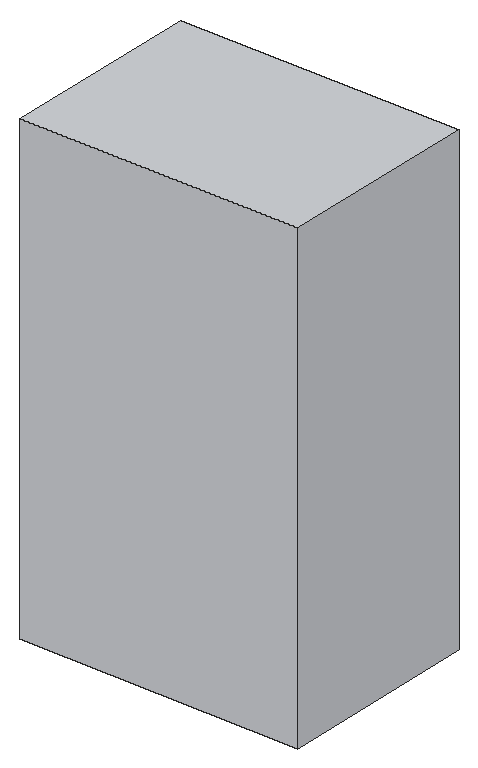
Revit family
Parameters
  Warranty Duration (Years) = 0
  Unit Width [instance] = 0' - 0"
  Unit Height [instance] = 0' - 0"
  Unit Depth = 0' - 0"
  URL = "http://www.americanspecialties.com/viewCategories.cfm"
  Test Data = ""
  Specification = "http://www.arcat.com/sdspecs/htm/10810asi.htm"
  SpecWizard = ""
  Send Message = "http://www.arcat.com/users.pl?action=UserEmail&company=American%20Specialties,%20Inc.&coid=30448&rep=139&fax=914-476-0688&mf="
  Sales Information = "http://www.americanspecialties.com/contact"
  Revision = "R1_10-2010"
  Product Properties = "http://www.americanspecialties.com/datasheets/0030.pdf"
  Product Data = "http://www.arcat.com/arcatcos/cos30/arc30448.html"
  Trim Material = Metal - Stainless Steel
  Paper Roll = Paper
  Body Material = Metal - Stainless Steel
  Model = "As Specified in 10 28 13"
  Manufacturer Website = "http://www.americanspecialties.com/viewCategories.cfm"
  Manufacturer Phone - Toll Free = ""
  Manufacturer Phone = "914-476-9000 "
  Manufacturer Fax = "914-476-0688"
  Manufacturer Address = "441 Saw Mill River Rd., Yonkers, NY 10701"
  Manufacturer = "American Specialties, Inc."
  Maintenance Schedule (Months) = 0
  Keynote = "10 28 13"
  Installation-Fabrication = "http://www.americanspecialties.com/products.cfm"
  Green Building-LEED = ""
  Expected Lifespan (Years) = 0
  Drawn By = "Robert S. Weygant. CSI, CDT, SCIP"  # constant formula
  Description = "Toilet Accessory as Specified in 10 28 13"
  Default Elevation = 4' - 0"
  Copyright = "©Arcat Inc."
  Construction Details = "http://www.arcat.com/green/clients/leed_data_30448.html"
  Building Codes = "http://www.americanspecialties.com/products.cfm"
  Assembly Code = "C1030210"
Reference planes (in)
  plane 1 "Center (Front/Back)": y = -0.29112
  plane 2 "Floor Line": z = 0
  plane 3 "Center (Left/Right)": x = -0.65843
  plane 4: y = 5.70888
  plane 5: y = -6.29112
  plane 6: x = -3.65843
  plane 7: x = 2.34157
  plane 8: z = 6.5
Forms (in)
  Extrusion 1, solid
    sketch origin (-3.62887, -9, -6) x (0, 0, -1) y (1, 0, 0)
      loop
        line (-82, 26) -> (-82, -19.34712) -> (-6, -19.34712) -> (-6, 26) -> (-82, 26)
    from 8.29112 to -24.38084
  Extrusion 2, solid, material "Metal - Stainless Steel" <- "Body Material"
    sketch origin (-10.05294, 1.25001, 0) x (1, 0, 0) y (0, 1, 0)
      loop
        line (6.39451, 4.45887) -> (6.39451, -7.54113) -> (12.39451, -7.54113) -> (12.39451, 4.45887) -> (6.39451, 4.45887)
      loop
        arc (10.51951, -4.85363) -> (10.39451, -4.97863) -> (10.51951, -5.10363) r 0.125
        line (10.51951, -5.10363) -> (11.26951, -5.10363)
        arc (11.26951, -5.10363) -> (11.39451, -4.97863) -> (11.26951, -4.85363) r 0.125
        line (11.26951, -4.85363) -> (10.51951, -4.85363)
      loop
        arc (7.76951, 1.7105) -> (7.89451, 1.24399) -> (8.01951, 1.7105) r 0.25
        line (8.01951, 1.7105) -> (8.01951, 2.02789)
        arc (8.01951, 2.02789) -> (7.89451, 2.15289) -> (7.76951, 2.02789) r 0.125
        line (7.76951, 2.02789) -> (7.76951, 1.7105)
      loop
        line (8.26951, -4.85363) -> (7.51951, -4.85363)
        arc (7.51951, -4.85363) -> (7.39451, -4.97863) -> (7.51951, -5.10363) r 0.125
        line (7.51951, -5.10363) -> (8.26951, -5.10363)
        arc (8.26951, -5.10363) -> (8.39451, -4.97863) -> (8.26951, -4.85363) r 0.125
      loop
        line (11.01951, 1.7105) -> (11.01951, 2.02789)
        arc (11.01951, 2.02789) -> (10.89451, 2.15289) -> (10.76951, 2.02789) r 0.125
        line (10.76951, 2.02789) -> (10.76951, 1.7105)
        arc (10.76951, 1.7105) -> (10.89451, 1.24399) -> (11.01951, 1.7105) r 0.25
    from 0 to 3.5
  Extrusion 3, void
    sketch origin (0, 0.12501, 0) x (1, 0, 0) y (0, 1, 0)
      loop
        line (-3.56468, 5.55541) -> (-3.56468, -6.41613) -> (2.24782, -6.41613) -> (2.24782, 5.55541) -> (-3.56468, 5.55541)
    from 0.04152 to 4
  Extrusion 4, solid, material "Metal - Stainless Steel" <- "Body Material"
    sketch origin (-0.65843, 0, -0.25) x (0, 1, 0) y (0, 0, 1)
      loop
        line (5.70888, 3.75) -> (5.70888, 5.63895) -> (0.89638, 6.75) -> (-0.10362, 3.75) -> (5.70888, 3.75)
    from -3 to 3
  Extrusion 5, void
    sketch origin (-0.65843, 0, 0) x (0, 1, 0) y (0, 0, 1)
      loop
        line (5.68042, 3.5) -> (5.68042, 5.36309) -> (0.88635, 6.46989) -> (-0.10362, 3.5) -> (5.68042, 3.5)
    from -2.90625 to 2.90625
  Extrusion 6, solid, material "Metal - Stainless Steel" <- "Body Material"
    sketch origin (2.24782, 0.12501, -0.25) x (0, 1, 0) y (0, 0, 1)
      loop
        line (-6.41613, 3.75) -> (5.58387, 3.75) -> (5.58387, 4.25) -> (-6.41613, 4.25) -> (-6.41613, 3.75)
    from -0.36432 to 0.09375
  Extrusion 7, solid, material "Metal - Stainless Steel" <- "Body Material"
    sketch origin (-3.56468, 0.12501, -0.25) x (0, 1, 0) y (0, 0, -1)
      loop
        line (-6.41613, -3.75) -> (-6.41613, -4.25) -> (5.58387, -4.25) -> (5.58387, -3.75) -> (-6.41613, -3.75)
    from -0.36432 to 0.09375
  Extrusion 8, solid, material "Metal - Stainless Steel" <- "Trim Material"
    sketch origin (0.42776, 1.23483, 6.42186) x (0, 0.97437, -0.224951) y (-1, 0, 0)
      loop
        circle (3.55171, 1.08619) r 0.5
      loop
        line (3.84722, 1.13941) -> (3.26828, 1.13941) -> (3.26828, 1.03297) -> (3.84722, 1.03297) -> (3.84722, 1.13941)
    from 0 to 0.11409
  Extrusion 9, solid, material "Paper" <- "Paper Roll"
    sketch origin (-0.65843, -19.34261, 11.32894) x (0, 1, 0) y (0, 0, 1)
      loop
        circle (16.12061, -8.30339) r 2.625
    from -2.54193 to 2.54193
  Extrusion 10, solid, material "Paper" <- "Paper Roll"
    sketch origin (-0.65843, 18.76038, 11.32894) x (0, -1, 0) y (0, 0, -1)
      loop
        circle (16.12061, 8.30339) r 2.625
    from -2.54193 to 2.54193
Cuts and joins
  Extrusion 3, Extrusion 5 cuts Extrusion 2
  Extrusion 5 cuts Extrusion 4
  joined: Extrusion 4, Extrusion 6, Extrusion 7
Dimensions and locks (in)
  aligned and locked: cut or joined group of Extrusion 2, Extrusion 3, Extrusion 5 to Extrusion 4
  aligned and locked: Extrusion 4 to cut or joined group of Extrusion 2, Extrusion 3, Extrusion 5
  aligned and locked: Extrusion 4 to Extrusion 5 sketch curve
  aligned and locked: Extrusion 5 to Extrusion 3  (x2)
  aligned and locked: Extrusion 3 to Extrusion 5
  aligned and locked: cut or joined group of Extrusion 4, Extrusion 5, Extrusion 6, Extrusion 7 to Extrusion 6 sketch curve
  aligned and locked: cut or joined group of Extrusion 4, Extrusion 5, Extrusion 6, Extrusion 7 to plane 4
  aligned and locked: plane 4 to Extrusion 2 sketch curve
  aligned and locked: Extrusion 2 sketch curve to plane 5
  aligned and locked: plane 6 to Extrusion 2 sketch curve
  aligned and locked: Extrusion 2 sketch curve to plane 7
  aligned and locked: plane 5 to Extrusion 7
  aligned and locked: plane 5 to Extrusion 6
  aligned and locked: plane 5 to cut or joined group of Extrusion 2, Extrusion 3, Extrusion 5
  aligned and locked: Extrusion 7 to cut or joined group of Extrusion 2, Extrusion 3, Extrusion 5
  aligned and locked: Extrusion 2 to cut or joined group of Extrusion 4, Extrusion 5, Extrusion 6, Extrusion 7
  aligned and locked: cut or joined group of Extrusion 4, Extrusion 5, Extrusion 6, Extrusion 7 to Extrusion 5 sketch curve
